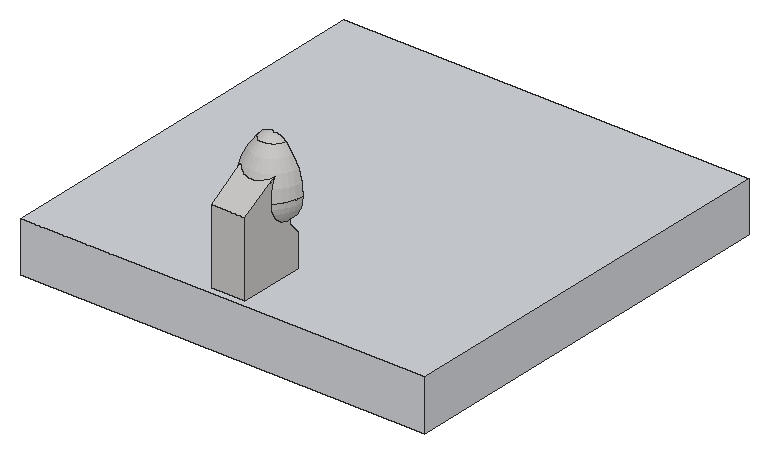
Revit family
Parameters (values of type "2141-W-1-FM")
  Waste Connection = yes
  WO3- 3" O.D. Waste P-Trap (3.5GPF Only) = no
  W- Wall (Concealed) = yes
  Vent Connection = no
  URL = "http://www.acorneng.com"
  ULF 1.6GPF = no
  Type Comments = ""
  TF- Time-Trol Transformer (Up to 12 Solenoids) = no
  T- Top (Exposed) = no
  SW- Wall Sleeve (-RM Models Only) = no
  RM- Rear Mount = no
  Model = "2141-W-1-FM"
  Material = "Type 304 Stainless Steel"
  Manufacturer = "Acorn Engineering"
  MVCFV- Time-Trol Electronic F.V. (N/A w/ Top Supply) = no
  MT- Metal Template = no
  MC- Mounting Carrier (6" Bolt Centers) = no
  LPFS- Less Punch For Hinged Seat = no
  HW Connection = no
  HS-OFWC- Hinged Seat Open Front With Cover = no
  HS-OFLC-Hinged Seat, Open Front Less Cover = no
  HP- High Polish Finish (Exterior Only) = no
  HET- High Efficiency Toilet Design = no
  HET- 1.28 GPF = no
  GW- Gasket Waste (Standard on -FM by Optional on -RM) = no
  FVT- Flush Valve Thru-Wall Connection = no
  FVL- Flush Valve w/ ADA Lever Handle = no
  FVH- Flush Valve Hydraulic (N/A w/ Top Supply) = no
  FVCH- Flush Valve Cover w/ Hydraulic F.V. Button (L or R) = no
  FVC- Flush Valve Cover w/ Mechanical F.V. (N/A w/ Top Supply) = no
  FVBO- Flush Valve By Others = no
  FV- Flush Valve Mechanical (N/A for ADA) = no
  FTE- Flood-Trol Electronic = no
  FM- Front Mount = yes
  FG- 14 Gage = no
  EG- Enviro-Glaze = no
  Designed By = "ATS BIM TEAM"
  Description = "Siphon Jet Toilet"
  Default Elevation = 1' - 3"
  Copyrighted By = "ATS"
  CW Connection = yes
  CO1-3- Cleanout with O-Ring to No-Hub 2-3/8" x 3" (-RM Models Only) = no
  CO1- Cleanout with O-Ring to No-Hub 2-3/8" x 4" (-RM Models Only) = no
  ADA- 18" ADA Integral Seat Height = no
  3.5 GPF = no
  2- On Floor, Wall Outlet = no
  1- Off- Floor, Wall Outlet = yes
Reference planes (in)
  plane 1 "Center (Front/Back)": y = 0
  plane 2: z = 0
  plane 3 "Center (Left/Right)": x = 0
  plane 4: y = -48
  plane 5: y = -46.25
  plane 6: y = -33
  plane 7: y = -30.625
  plane 8: y = -42.5
  plane 9: y = -32.75
Forms (in)
  Extrusion 1, solid
    sketch origin (0, 0, 0) x (1, 0, 0) y (0, 1, 0)
      loop
        line (-48, 48) -> (-48, -48) -> (48, -48) -> (48, 48) -> (-48, 48)
    from 0 to -12
  Extrusion 2, solid, material "Type 304 Stainless steel"
    sketch origin (-4, -32.05999, 23.82742) x (0, 0, -1) y (0, 1, 0)
      loop
        line (0.64009, -4.56379) -> (6.19779, -14.19001) -> (23.82742, -14.19001) -> (23.82742, 1.43499) -> (16.14546, 1.43499) -> (13.39744, -0.94001) -> (12.4099, -0.94001)
        arc (12.4099, -0.94001) -> (12.39796, -1.12907) -> (12.38314, -1.31792) r 12.39183
        arc (12.38314, -1.31792) -> (10.4416, -3.15816) -> (8.02524, -4.3059) r 8.52273
        arc (8.02524, -4.3059) -> (4.34893, -4.9006) -> (0.64009, -4.56379) r 14.8795
    from 0 to 8
  Revolve 3, solid, material "Type 304 Stainless steel"
    sketch origin (19.69722, -32.9998, 37.13844) x (1, 0, 0) y (0, 0, -1)
      loop
        line (-19.69722, 26.06915) -> (-22.36649, 26.06915)
        arc (-22.36649, 26.06915) -> (-22.89031, 25.99619) -> (-23.37548, 25.78565) r 1.9573
        arc (-23.37548, 25.78565) -> (-25.86027, 23.21628) -> (-26.75947, 19.7569) r 7.02626
        arc (-26.75947, 19.7569) -> (-25.68641, 14.21986) -> (-22.64989, 9.46699) r 15.04563
        arc (-22.64989, 9.46699) -> (-21.30479, 8.52627) -> (-19.69722, 8.19465) r 4.06225
        line (-19.69722, 8.19465) -> (-19.69722, 9.8819)
        arc (-19.69722, 9.8819) -> (-20.6378, 10.13489) -> (-21.32457, 10.82558) r 1.875
        arc (-21.32457, 10.82558) -> (-23.00267, 14.37984) -> (-24.10296, 18.15319) r 25
        arc (-24.10296, 18.15319) -> (-23.18814, 21.90904) -> (-19.69722, 23.5694) r 4.5
        line (-19.69722, 23.5694) -> (-19.69722, 26.06915)
      axis (-19.69722, 26.06915) -> (-19.69722, 8.19465)
    angle from 0 to 180
  Extrusion 4, solid
    sketch origin (0, -31.2498, 0.78805) x (1, 0, 0) y (0, 1, 0)
      loop
        circle (0, -11.25) r 2.75
    from -0.78805 to 0.10806
  Extrusion 5, solid
    sketch origin (0, -31.2498, 0) x (1, 0, 0) y (0, 1, 0)
      loop
        circle (0, -1.5) r 0.5
    from 0 to 0.89611
Cuts and joins
  joined: Extrusion 2, Revolve 3
Lines and regions (in)
  Filled region 1, type "MTOILET.DWG-1", in view "Ref. Level"
    outline origin (0, 0, 0) x (1, 0, 0) y (0, 1, 0)
      loop
        line (-61.20129, -21.21567) -> (-61.13879, -21.27817) -> (-61.13879, -21.21567) -> (-61.20129, -21.21567)
  Filled region 2, type "MTOILET.DWG-1", in view "Ref. Level"
    outline origin (0, 0, 0) x (1, 0, 0) y (0, 1, 0)
      loop
        line (-52.26379, -21.27817) -> (-52.20129, -21.21567) -> (-52.26379, -21.21567) -> (-52.26379, -21.27817)
  Filled region 3, type "MTOILET.DWG-1", in view "Ref. Level"
    outline origin (0, 0, 0) x (1, 0, 0) y (0, 1, 0)
      loop
        line (-61.20129, 43.41649) -> (-61.13879, 43.35399) -> (-61.13879, 43.41649) -> (-61.20129, 43.41649)
  Filled region 4, type "MTOILET.DWG-1", in view "Ref. Level"
    outline origin (0, 0, 0) x (1, 0, 0) y (0, 1, 0)
      loop
        line (-52.26379, 43.35399) -> (-52.20129, 43.41649) -> (-52.26379, 43.41649) -> (-52.26379, 43.35399)
  Filled region 5, type "MTOILET.DWG-1", in view "Ref. Level"
    outline origin (0, 0, 0) x (1, 0, 0) y (0, 1, 0)
      loop
        line (29.29124, 43.41649) -> (29.35374, 43.35399) -> (29.35374, 43.41649) -> (29.29124, 43.41649)
  Filled region 6, type "MTOILET.DWG-1", in view "Ref. Level"
    outline origin (0, 0, 0) x (1, 0, 0) y (0, 1, 0)
      loop
        line (38.22874, 43.35399) -> (38.29124, 43.41649) -> (38.22874, 43.41649) -> (38.22874, 43.35399)
Text (in)
  text "Toilets" at (65.67501, 97.92652, 0), in view "Ref. Level"
Dimensions and locks (in)
  cut or joined group of Extrusion 2, Revolve 3 to cut or joined group of Extrusion 2, Revolve 3 = 0' - 8"
  plane 4 to plane 5 = 0' - 1 3/4"
  plane 4 to plane 6 = 1' - 3"
  plane 4 to plane 7 = 1' - 5 3/8"
  plane 4 to plane 8 = 0' - 5 1/2"
  plane 4 to plane 9 = 1' - 3 1/4"
  aligned and locked: plane 2 to Extrusion 1
  aligned and locked: level to Extrusion 1
  aligned and locked: plane 7 to Extrusion 2 sketch curve
Connectors (in)
  piping at (0, -42.4998, 0)
    settings: on Extrusion 4, index 1
  piping at (0, -32.7498, 0)
    settings: on Extrusion 5, index 2
